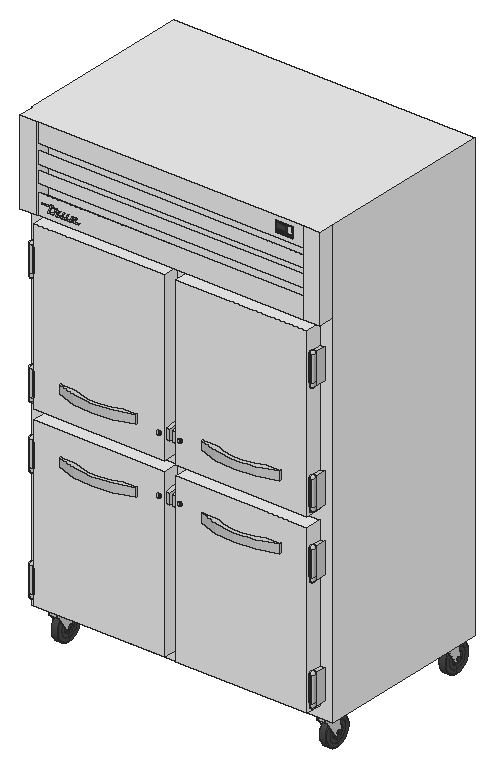
Revit family
Parameters
  Weight in Pounds = 0
  Watts = 3000 W
  Volts = 208 V
  URL Cutsheet = "www.truemfg.com"
  URL = "www.truemfg.com"
  Type Mark [instance] = ""
  Type Comments = ""
  Status [instance] = ""
  Specification by User [instance] = ""
  Specification by Manufacturer = ""
  Show Seismic Flanged [instance] = no
  Show Logo [instance] = yes
  Show Legs [instance] = no
  Show Clearance [instance] = yes
  Serial Number = ""
  Seismic Rating = ""
  Seismic Plate [instance] = and(Show Seismic Flanged, not(Show Casters))  # no
  SMACNA No = ""
  Revision Code [instance] = ""
  Phase = 1
  Omniclass Number and Title = ""
  Number of Poles [instance] = 1
  NAFEM Spec ID Number = ""
  Model = "STR2H-4HS"
  Min Ckt Ampacity = 0 A
  Max Overcurrent Protection = 0 A
  Masterspec = ""
  Manufacturer = "TRUE FOOD SERVICE EQUIPMENT, INC."
  Length = 52 5/8"
  Legs [instance] = or(Show Legs, Show Seismic Flanged)  # no
  Item Number [instance] = ""
  Installed By [instance] = ""
  Identify Quantity as Lot [instance] = yes
  Height = 77 3/4"
  HP = ""
  Furnished By [instance] = ""
  Foodservice Equipment Identifier [instance] = yes
  FL Amps = Watts / Volts  # 14.4231 A
  Electrical Remarks [instance] = ""
  Electric Connection Type [instance] = ""
  Elec Conn RI Height [instance] = 0"
  Elec Conn Connection Height [instance] = 0"
  Description = "Reach-in Solid Half Swing Door Heated Cabinet"
  Depth = 33 3/4"
  Cycle = 60 Hz
  Conn Plug = "6-15P"
  Conn Conduit = yes
  Show Casters [instance] = and(not(if(Show Legs, Show Legs, Show Legs)), not(if(Show Legs, Show Legs, Show Seismic Flanged)))  # yes
  CSI MasterFormat = ""
  CSI Master Format = ""
  Apparent Power = if(Phase = 3, Volts * FL Amps * 1.73, Volts * FL Amps)  # 3000 VA
Reference planes (in)
  plane 1 "BACK": y = 0
  plane 2: z = 0
  plane 3 "LEFT": x = 0
  plane 4 "RIGHT": x = 52.625
  plane 5 "FRONT": y = -33.75
  plane 6 "TOP": z = 84.125
  plane 7: z = 6.125
  plane 8: x = 26.3125
  plane 9: x = 3
  plane 10: x = 49.9375
  plane 11: y = -33.7042
  plane 12: x = 26.46875
Forms (in)
  Extrusion 1, solid, material "QF_Finishes_Chrome - Satin"
    sketch origin (0.05, 0, 0) x (1, 0, 0) y (0, 1, 0)
      loop
        line (-0.05, 0) -> (-0.05, -31) -> (2.35625, -31) -> (2.35625, 0) -> (-0.05, 0)
    from 6.125 to 84.125
  Extrusion 2, solid, material "QF_Finishes_Chrome - Satin"
    sketch origin (50.15, 0, 0) x (1, 0, 0) y (0, 1, 0)
      loop
        line (0.225, 0) -> (0.225, -31) -> (2.475, -31) -> (2.475, 0) -> (0.225, 0)
    from 6.125 to 84.125
  Extrusion 3, solid, material "QF_Finishes_Chrome - Satin"
    sketch origin (0, 0, 0) x (0, 1, 0) y (0, 0, 1)
      loop
        line (-33.7042, 69.5) -> (-31, 69.5) -> (-31, 6.125) -> (0, 6.125) -> (0, 84.125) -> (-33.7042, 84.125) -> (-33.7042, 80.78078) -> (-31.5, 79.21352) -> (-31.5, 78.09125) -> (-33.7042, 79.65851) -> (-33.7042, 77.5248) -> (-31.5, 75.95754) -> (-31.5, 74.99678) -> (-33.7042, 76.56404) -> (-33.7042, 74.46784) -> (-31.5, 72.90057) -> (-31.5, 71.625) -> (-33.7042, 73.19226) -> (-33.7042, 69.5)
    from 2.25 to 50.375
  Extrusion 4, solid, material "QF_Finishes_Chrome - Satin"
    sketch origin (0, 0, 0) x (1, 0, 0) y (0, 1, 0)
      loop
        line (52.54687, -31) -> (49.66032, -31) -> (49.66032, -33.75) -> (52.54687, -33.75) -> (52.54687, -31)
    from 69.5 to 84.125
  Extrusion 5, solid, material "QF_Finishes_Chrome - Satin"
    sketch origin (-50.125, 0, 0.25) x (1, 0, 0) y (0, 1, 0)
      loop
        line (53.20984, -31) -> (50.20312, -31) -> (50.20312, -33.75) -> (53.20984, -33.75) -> (53.20984, -31)
    from 69.25 to 83.875
  Extrusion 6, solid, material "QF_Finishes_Chrome - Satin"
    sketch origin (0, 0, -0.71875) x (1, 0, 0) y (0, 0, 1)
      loop
        line (2.4375, 68.6875) -> (2.4375, 39.59375) -> (25.375, 39.59375) -> (25.375, 68.6875) -> (2.4375, 68.6875)
      loop
        line (50.34375, 68.6875) -> (27.40625, 68.6875) -> (27.40625, 39.59375) -> (50.34375, 39.59375) -> (50.34375, 68.6875)
      loop
        line (2.4375, 8.75) -> (25.375, 8.75) -> (25.375, 37.84375) -> (2.4375, 37.84375) -> (2.4375, 8.75)
      loop
        line (27.40625, 8.75) -> (50.34375, 8.75) -> (50.34375, 37.84375) -> (27.40625, 37.84375) -> (27.40625, 8.75)
    from 31 to 33.75
  Extrusion 7, solid, material "QF_Finishes_Handrails and Railings"
    sketch origin (85.95, -0.25, 32.09144) x (1, 0, 0) y (0, 1, 0)
      loop
        line (-53.875, -33.5) -> (-53.875, -33.7)
        arc (-53.875, -33.7) -> (-47.075, -35.14405) -> (-40.275, -33.7) r 16.7325
        line (-40.275, -33.7) -> (-40.275, -33.5) -> (-42.675, -33.5)
        arc (-42.675, -33.5) -> (-47.075, -34.65816) -> (-51.475, -33.5) r 8.93715
        line (-51.475, -33.5) -> (-53.875, -33.5)
    from 10.87731 to 12.37731
  Extrusion 8, solid, material "QF_Finishes_Handrails and Railings"
    sketch origin (1.75, 0, 2.875) x (1, 0, 0) y (0, 0, 1)
      loop
        circle (22.6875, 40.0625) r 0.35
      loop
        line (22.65235, 40.33635) -> (22.65235, 39.76895) -> (22.70785, 39.76895) -> (22.70785, 40.33635) -> (22.65235, 40.33635)
      loop
        circle (26.3125, 40.0625) r 0.35
      loop
        line (26.34765, 40.33635) -> (26.29215, 40.33635) -> (26.29215, 39.76895) -> (26.34765, 39.76895) -> (26.34765, 40.33635)
    from 33.5 to 33.83066
  Extrusion 9, solid, material "QF_Finishes_Handrails and Railings", visible <- "Show Logo"
    sketch origin (0.33478, 1.08173, -6.73143) x (1, 0, 0) y (0, 0, 1)
      loop
        line (3.61669, 78.46231) -> (3.51103, 78.23573) -> (4.91652, 78.23573)
        arc (4.91652, 78.23573) -> (4.94504, 78.18528) -> (4.91652, 78.13484) r 0.05887
        line (4.91652, 78.13484) -> (4.54994, 77.34872)
        arc (4.54994, 77.34872) -> (4.54676, 77.27591) -> (4.596, 77.22217) r 0.09523
        line (4.596, 77.22217) -> (5.49469, 77.22217)
        arc (5.49469, 77.22217) -> (5.60817, 77.25795) -> (5.68061, 77.35235) r 0.19785
        line (5.68061, 77.35235) -> (5.9691, 77.97101) -> (6.23415, 77.97101)
        arc (6.23415, 77.97101) -> (6.30369, 77.94543) -> (6.29362, 77.87203) r 0.05911
        line (6.29362, 77.87203) -> (6.05223, 77.35437)
        arc (6.05223, 77.35437) -> (6.05599, 77.2684) -> (6.12856, 77.22217) r 0.09318
        line (6.12856, 77.22217) -> (6.91823, 77.22217)
        arc (6.91823, 77.22217) -> (6.97874, 77.24419) -> (7.01093, 77.29995) r 0.09412
        arc (7.01093, 77.29995) -> (7.03371, 77.24495) -> (7.08871, 77.22217) r 0.07778
        line (7.08871, 77.22217) -> (7.58871, 77.22217)
        arc (7.58871, 77.22217) -> (7.64647, 77.23765) -> (7.68876, 77.27993) r 0.11552
        arc (7.68876, 77.27993) -> (7.709, 77.23106) -> (7.75787, 77.21081) r 0.06912
        line (7.75787, 77.21081) -> (8.4685, 77.21081)
        arc (8.4685, 77.21081) -> (8.52659, 77.23488) -> (8.55066, 77.29297) r 0.08216
        arc (8.55066, 77.29297) -> (8.60392, 77.23972) -> (8.67667, 77.22022) r 0.14551
        line (8.67667, 77.22022) -> (10.00783, 77.22022) -> (10.15571, 77.47634) -> (8.81303, 77.47634)
        arc (8.81303, 77.47634) -> (8.77597, 77.50204) -> (8.77459, 77.54711) r 0.05009
        line (8.77459, 77.54711) -> (8.79782, 77.59692)
        arc (8.79782, 77.59692) -> (8.83348, 77.64364) -> (8.88952, 77.66135) r 0.09747
        line (8.88952, 77.66135) -> (9.3211, 77.66135)
        arc (9.3211, 77.66135) -> (9.41425, 77.68631) -> (9.48244, 77.7545) r 0.1863
        line (9.48244, 77.7545) -> (9.60744, 77.97101)
        arc (9.60744, 77.97101) -> (9.60744, 78.08657) -> (9.50736, 78.14434) r 0.11556
        line (9.50736, 78.14434) -> (9.05187, 78.14434)
        arc (9.05187, 78.14434) -> (8.93575, 78.12462) -> (8.85474, 78.03912) r 0.18605
        line (8.85474, 78.03912) -> (8.63829, 77.57493)
        arc (8.63829, 77.57493) -> (8.5744, 77.49167) -> (8.47431, 77.46011) r 0.1745
        line (8.47431, 77.46011) -> (8.00184, 77.46011)
        arc (8.00184, 77.46011) -> (7.94528, 77.52184) -> (7.94893, 77.60548) r 0.10939
        line (7.94893, 77.60548) -> (8.2002, 78.14434) -> (8.04028, 78.14434) -> (7.77406, 77.57344)
        arc (7.77406, 77.57344) -> (7.72234, 77.50603) -> (7.6413, 77.48048) r 0.14128
        line (7.6413, 77.48048) -> (7.3155, 77.48048)
        arc (7.3155, 77.48048) -> (7.26044, 77.55223) -> (7.27225, 77.64189) r 0.11816
        line (7.27225, 77.64189) -> (7.50655, 78.14434) -> (7.34139, 78.14434) -> (7.07171, 77.566)
        arc (7.07171, 77.566) -> (7.0091, 77.50339) -> (6.92358, 77.48048) r 0.17104
        line (6.92358, 77.48048) -> (6.4518, 77.48048)
        arc (6.4518, 77.48048) -> (6.36707, 77.51999) -> (6.35892, 77.61313) r 0.0935
        line (6.35892, 77.61313) -> (6.51399, 77.94569) -> (6.7332, 77.94569)
        arc (6.7332, 77.94569) -> (6.7702, 78.05717) -> (6.84892, 78.14434) r 0.2857
        line (6.84892, 78.14434) -> (5.9923, 78.14434)
        arc (5.9923, 78.14434) -> (5.89711, 78.12324) -> (5.83123, 78.05135) r 0.16212
        line (5.83123, 78.05135) -> (5.59904, 77.55341)
        arc (5.59904, 77.55341) -> (5.54565, 77.50002) -> (5.47272, 77.48048) r 0.14586
        line (5.47272, 77.48048) -> (4.96131, 77.48048)
        arc (4.96131, 77.48048) -> (4.92139, 77.53442) -> (4.92899, 77.60109) r 0.09155
        line (4.92899, 77.60109) -> (5.26643, 78.23573) -> (6.1178, 78.23573) -> (6.22346, 78.46231) -> (5.37209, 78.46231) -> (5.47774, 78.68888) -> (5.17487, 78.68888) -> (5.06922, 78.46231) -> (3.61669, 78.46231)
      loop
        arc (8.9943, 77.93863) -> (8.95744, 77.92875) -> (8.93045, 77.90176) r 0.07373
        line (8.93045, 77.90176) -> (8.90854, 77.83436)
        arc (8.90854, 77.83436) -> (8.9187, 77.80983) -> (8.94324, 77.79966) r 0.0347
        line (8.94324, 77.79966) -> (9.31573, 77.79966)
        arc (9.31573, 77.79966) -> (9.34257, 77.80561) -> (9.36437, 77.82234) r 0.0635
        line (9.36437, 77.82234) -> (9.38249, 77.90622)
        arc (9.38249, 77.90622) -> (9.37716, 77.92868) -> (9.35634, 77.93863) r 0.02676
        line (9.35634, 77.93863) -> (8.9943, 77.93863)
    from 34.76797 to 34.83173
  Extrusion 10, solid
    sketch origin (0, 0, 0) x (1, 0, 0) y (0, 0, 1)
      loop
        circle (49.53125, 82) r 0.25
    from 0 to 0.0625
  Extrusion 11, solid, material "QF_Finishes_Handrails and Railings"
    sketch origin (-33.16875, -0.25, 32.09144) x (1, 0, 0) y (0, 1, 0)
      loop
        line (53.71875, -33.5) -> (51.31875, -33.5)
        arc (51.31875, -33.5) -> (47.075, -34.58228) -> (42.83125, -33.5) r 8.86127
        line (42.83125, -33.5) -> (40.43125, -33.5) -> (40.43125, -33.7)
        arc (40.43125, -33.7) -> (47.075, -35.08117) -> (53.71875, -33.7) r 16.66961
        line (53.71875, -33.7) -> (53.71875, -33.5)
    from 10.87731 to 12.37731
  Blend 12, solid, material "QF_Finishes_Handrails and Railings"
    base sketch origin (0.125, 0, 4.875) x (1, 0, 0) y (0, 0, 1)
      loop
        line (25.25, 38.99169) -> (25.25, 37.24169) -> (26, 37.24169) -> (26, 38.99169) -> (25.25, 38.99169)
    top sketch origin (0.125, 0, 4.875) x (1, 0, 0) y (0, 0, 1)
      loop
        line (26.18223, 36.6441) -> (26.18223, 39.42643) -> (25.25, 39.42643) -> (25.25, 36.6441) -> (26.18223, 36.6441)
    from 33.57883 to 31
  Blend 13, solid, material "QF_Finishes_Handrails and Railings"
    base sketch origin (52.65625, 0, 4.875) x (-1, 0, 0) y (0, 0, -1)
      loop
        line (25.25, -38.99169) -> (26, -38.99169) -> (26, -37.24169) -> (25.25, -37.24169) -> (25.25, -38.99169)
    top sketch origin (52.65625, 0, 4.875) x (-1, 0, 0) y (0, 0, -1)
      loop
        line (26.18223, -36.6441) -> (25.25, -36.6441) -> (25.25, -39.42643) -> (26.18223, -39.42643) -> (26.18223, -36.6441)
    from 33.57883 to 31
  Extrusion 14, solid, material "QF_Finishes_Handrails and Railings"
    sketch origin (1.28125, 0, 0) x (0, 1, 0) y (0, 0, 1)
      loop
        line (-31, 64.55229) -> (-32.61044, 64.55229)
        arc (-32.61044, 64.55229) -> (-32.75506, 64.49238) -> (-32.81497, 64.34776) r 0.20453
        line (-32.81497, 64.34776) -> (-32.81497, 59.94848) -> (-33.25, 59.94848) -> (-33.25, 59.23627) -> (-31, 59.23627) -> (-31, 64.55229)
    from 0.17506 to 1
  Revolve 15, solid, material "QF_Finishes_Handrails and Railings"
    sketch origin (1.78125, 0, 0) x (0, 1, 0) y (0, 0, 1)
      loop
        line (-33.26563, 60.00189) -> (-33.26563, 64.81483)
        arc (-33.26563, 64.81483) -> (-33.53722, 64.72557) -> (-33.67229, 64.4736) r 0.3848
        line (-33.67229, 64.4736) -> (-33.67229, 60.00189) -> (-33.26563, 60.00189)
      loop
        line (-33.26563, 59.94848) -> (-33.67229, 59.94848) -> (-33.67229, 59.37712)
        arc (-33.67229, 59.37712) -> (-33.53264, 59.13383) -> (-33.26563, 59.04781) r 0.38884
        line (-33.26563, 59.04781) -> (-33.26563, 59.94848)
      axis (-33.26563, 59.04781) -> (-33.26563, 64.81483)
    angle from 0 to 360
  Extrusion 16, solid, material "QF_Finishes_Handrails and Railings"
    sketch origin (-0.03125, 0, 0) x (1, 0, 0) y (0, 0, 1)
      loop
        line (2.07116, 64.4736) -> (2.07116, 60.00079) -> (2.46875, 60.00079) -> (2.46875, 64.4736) -> (2.07116, 64.4736)
    from 32.81497 to 33.59495
  Extrusion 17, solid, material "QF_Finishes_Handrails and Railings"
    sketch origin (1.28125, 0, -19.5) x (0, 1, 0) y (0, 0, 1)
      loop
        line (-31, 64.55229) -> (-32.61044, 64.55229)
        arc (-32.61044, 64.55229) -> (-32.75506, 64.49238) -> (-32.81497, 64.34776) r 0.20453
        line (-32.81497, 64.34776) -> (-32.81497, 59.94848) -> (-33.25, 59.94848) -> (-33.25, 59.23627) -> (-31, 59.23627) -> (-31, 64.55229)
    from 0.17506 to 1
  Revolve 18, solid, material "QF_Finishes_Handrails and Railings"
    sketch origin (1.78125, 0, -19.5) x (0, 1, 0) y (0, 0, 1)
      loop
        line (-33.26563, 60.00189) -> (-33.26563, 64.81483)
        arc (-33.26563, 64.81483) -> (-33.53722, 64.72557) -> (-33.67229, 64.4736) r 0.3848
        line (-33.67229, 64.4736) -> (-33.67229, 60.00189) -> (-33.26563, 60.00189)
      loop
        line (-33.26563, 59.94848) -> (-33.67229, 59.94848) -> (-33.67229, 59.37712)
        arc (-33.67229, 59.37712) -> (-33.53264, 59.13383) -> (-33.26563, 59.04781) r 0.38884
        line (-33.26563, 59.04781) -> (-33.26563, 59.94848)
      axis (-33.26563, 59.04781) -> (-33.26563, 64.81483)
    angle from 0 to 360
  Extrusion 19, solid, material "QF_Finishes_Handrails and Railings"
    sketch origin (-0.03125, 0, -19.5) x (1, 0, 0) y (0, 0, 1)
      loop
        line (2.07116, 64.4736) -> (2.07116, 60.00079) -> (2.46875, 60.00079) -> (2.46875, 64.4736) -> (2.07116, 64.4736)
    from 32.81497 to 33.59495
  Extrusion 20, solid, material "QF_Finishes_Handrails and Railings"
    sketch origin (1.28125, 0, -30.5) x (0, 1, 0) y (0, 0, 1)
      loop
        line (-31, 64.55229) -> (-32.61044, 64.55229)
        arc (-32.61044, 64.55229) -> (-32.75506, 64.49238) -> (-32.81497, 64.34776) r 0.20453
        line (-32.81497, 64.34776) -> (-32.81497, 59.94848) -> (-33.25, 59.94848) -> (-33.25, 59.23627) -> (-31, 59.23627) -> (-31, 64.55229)
    from 0.17506 to 1
  Revolve 21, solid, material "QF_Finishes_Handrails and Railings"
    sketch origin (1.78125, 0, -30.5) x (0, 1, 0) y (0, 0, 1)
      loop
        line (-33.26563, 60.00189) -> (-33.26563, 64.81483)
        arc (-33.26563, 64.81483) -> (-33.53722, 64.72557) -> (-33.67229, 64.4736) r 0.3848
        line (-33.67229, 64.4736) -> (-33.67229, 60.00189) -> (-33.26563, 60.00189)
      loop
        line (-33.26563, 59.94848) -> (-33.67229, 59.94848) -> (-33.67229, 59.37712)
        arc (-33.67229, 59.37712) -> (-33.53264, 59.13383) -> (-33.26563, 59.04781) r 0.38884
        line (-33.26563, 59.04781) -> (-33.26563, 59.94848)
      axis (-33.26563, 59.04781) -> (-33.26563, 64.81483)
    angle from 0 to 360
  Extrusion 22, solid, material "QF_Finishes_Handrails and Railings"
    sketch origin (-0.03125, 0, -30.5) x (1, 0, 0) y (0, 0, 1)
      loop
        line (2.07116, 64.4736) -> (2.07116, 60.00079) -> (2.46875, 60.00079) -> (2.46875, 64.4736) -> (2.07116, 64.4736)
    from 32.81497 to 33.59495
  Extrusion 23, solid, material "QF_Finishes_Handrails and Railings"
    sketch origin (1.28125, 0, -50.25) x (0, 1, 0) y (0, 0, 1)
      loop
        line (-31, 64.55229) -> (-32.61044, 64.55229)
        arc (-32.61044, 64.55229) -> (-32.75506, 64.49238) -> (-32.81497, 64.34776) r 0.20453
        line (-32.81497, 64.34776) -> (-32.81497, 59.94848) -> (-33.25, 59.94848) -> (-33.25, 59.23627) -> (-31, 59.23627) -> (-31, 64.55229)
    from 0.17506 to 1
  Revolve 24, solid, material "QF_Finishes_Handrails and Railings"
    sketch origin (1.78125, 0, -50.25) x (0, 1, 0) y (0, 0, 1)
      loop
        line (-33.26563, 60.00189) -> (-33.26563, 64.81483)
        arc (-33.26563, 64.81483) -> (-33.53722, 64.72557) -> (-33.67229, 64.4736) r 0.3848
        line (-33.67229, 64.4736) -> (-33.67229, 60.00189) -> (-33.26563, 60.00189)
      loop
        line (-33.26563, 59.94848) -> (-33.67229, 59.94848) -> (-33.67229, 59.37712)
        arc (-33.67229, 59.37712) -> (-33.53264, 59.13383) -> (-33.26563, 59.04781) r 0.38884
        line (-33.26563, 59.04781) -> (-33.26563, 59.94848)
      axis (-33.26563, 59.04781) -> (-33.26563, 64.81483)
    angle from 0 to 360
  Extrusion 25, solid, material "QF_Finishes_Handrails and Railings"
    sketch origin (-0.03125, 0, -50.25) x (1, 0, 0) y (0, 0, 1)
      loop
        line (2.07116, 64.4736) -> (2.07116, 60.00079) -> (2.46875, 60.00079) -> (2.46875, 64.4736) -> (2.07116, 64.4736)
    from 32.81497 to 33.59495
  Extrusion 26, solid, material "QF_Finishes_Handrails and Railings"
    sketch origin (51.34375, 0, 0) x (0, 1, 0) y (0, 0, -1)
      loop
        line (-31, -64.55229) -> (-31, -59.23627) -> (-33.25, -59.23627) -> (-33.25, -59.94848) -> (-32.81497, -59.94848) -> (-32.81497, -64.34776)
        arc (-32.81497, -64.34776) -> (-32.75506, -64.49238) -> (-32.61044, -64.55229) r 0.20453
        line (-32.61044, -64.55229) -> (-31, -64.55229)
    from 0.17506 to 1
  Revolve 27, solid, material "QF_Finishes_Handrails and Railings"
    sketch origin (50.84375, 0, 0) x (0, 1, 0) y (0, 0, -1)
      loop
        line (-33.26563, -60.00189) -> (-33.67229, -60.00189) -> (-33.67229, -64.4736)
        arc (-33.67229, -64.4736) -> (-33.53722, -64.72557) -> (-33.26563, -64.81483) r 0.3848
        line (-33.26563, -64.81483) -> (-33.26563, -60.00189)
      loop
        line (-33.26563, -59.94848) -> (-33.26563, -59.04781)
        arc (-33.26563, -59.04781) -> (-33.53264, -59.13383) -> (-33.67229, -59.37712) r 0.38884
        line (-33.67229, -59.37712) -> (-33.67229, -59.94848) -> (-33.26563, -59.94848)
      axis (-33.26563, -59.04781) -> (-33.26563, -64.81483)
    angle from 0 to 360
  Extrusion 28, solid, material "QF_Finishes_Handrails and Railings"
    sketch origin (52.65625, 0, 0) x (-1, 0, 0) y (0, 0, -1)
      loop
        line (1.75866, -64.4736) -> (2.15625, -64.4736) -> (2.15625, -60.00079) -> (1.75866, -60.00079) -> (1.75866, -64.4736)
    from 32.81497 to 33.59495
  Extrusion 29, solid, material "QF_Finishes_Handrails and Railings"
    sketch origin (51.34375, 0, -19.5) x (0, 1, 0) y (0, 0, -1)
      loop
        line (-31, -64.55229) -> (-31, -59.23627) -> (-33.25, -59.23627) -> (-33.25, -59.94848) -> (-32.81497, -59.94848) -> (-32.81497, -64.34776)
        arc (-32.81497, -64.34776) -> (-32.75506, -64.49238) -> (-32.61044, -64.55229) r 0.20453
        line (-32.61044, -64.55229) -> (-31, -64.55229)
    from 0.17506 to 1
  Revolve 30, solid, material "QF_Finishes_Handrails and Railings"
    sketch origin (50.84375, 0, -19.5) x (0, 1, 0) y (0, 0, -1)
      loop
        line (-33.26563, -60.00189) -> (-33.67229, -60.00189) -> (-33.67229, -64.4736)
        arc (-33.67229, -64.4736) -> (-33.53722, -64.72557) -> (-33.26563, -64.81483) r 0.3848
        line (-33.26563, -64.81483) -> (-33.26563, -60.00189)
      loop
        line (-33.26563, -59.94848) -> (-33.26563, -59.04781)
        arc (-33.26563, -59.04781) -> (-33.53264, -59.13383) -> (-33.67229, -59.37712) r 0.38884
        line (-33.67229, -59.37712) -> (-33.67229, -59.94848) -> (-33.26563, -59.94848)
      axis (-33.26563, -59.04781) -> (-33.26563, -64.81483)
    angle from 0 to 360
  Extrusion 31, solid, material "QF_Finishes_Handrails and Railings"
    sketch origin (52.65625, 0, -19.5) x (-1, 0, 0) y (0, 0, -1)
      loop
        line (1.75866, -64.4736) -> (2.15625, -64.4736) -> (2.15625, -60.00079) -> (1.75866, -60.00079) -> (1.75866, -64.4736)
    from 32.81497 to 33.59495
  Extrusion 32, solid, material "QF_Finishes_Handrails and Railings"
    sketch origin (51.34375, 0, -30.5) x (0, 1, 0) y (0, 0, -1)
      loop
        line (-31, -64.55229) -> (-31, -59.23627) -> (-33.25, -59.23627) -> (-33.25, -59.94848) -> (-32.81497, -59.94848) -> (-32.81497, -64.34776)
        arc (-32.81497, -64.34776) -> (-32.75506, -64.49238) -> (-32.61044, -64.55229) r 0.20453
        line (-32.61044, -64.55229) -> (-31, -64.55229)
    from 0.17506 to 1
  Revolve 33, solid, material "QF_Finishes_Handrails and Railings"
    sketch origin (50.84375, 0, -30.5) x (0, 1, 0) y (0, 0, -1)
      loop
        line (-33.26563, -60.00189) -> (-33.67229, -60.00189) -> (-33.67229, -64.4736)
        arc (-33.67229, -64.4736) -> (-33.53722, -64.72557) -> (-33.26563, -64.81483) r 0.3848
        line (-33.26563, -64.81483) -> (-33.26563, -60.00189)
      loop
        line (-33.26563, -59.94848) -> (-33.26563, -59.04781)
        arc (-33.26563, -59.04781) -> (-33.53264, -59.13383) -> (-33.67229, -59.37712) r 0.38884
        line (-33.67229, -59.37712) -> (-33.67229, -59.94848) -> (-33.26563, -59.94848)
      axis (-33.26563, -59.04781) -> (-33.26563, -64.81483)
    angle from 0 to 360
  Extrusion 34, solid, material "QF_Finishes_Handrails and Railings"
    sketch origin (52.65625, 0, -30.5) x (-1, 0, 0) y (0, 0, -1)
      loop
        line (1.75866, -64.4736) -> (2.15625, -64.4736) -> (2.15625, -60.00079) -> (1.75866, -60.00079) -> (1.75866, -64.4736)
    from 32.81497 to 33.59495
  Extrusion 35, solid, material "QF_Finishes_Handrails and Railings"
    sketch origin (51.34375, 0, -50.25) x (0, 1, 0) y (0, 0, -1)
      loop
        line (-31, -64.55229) -> (-31, -59.23627) -> (-33.25, -59.23627) -> (-33.25, -59.94848) -> (-32.81497, -59.94848) -> (-32.81497, -64.34776)
        arc (-32.81497, -64.34776) -> (-32.75506, -64.49238) -> (-32.61044, -64.55229) r 0.20453
        line (-32.61044, -64.55229) -> (-31, -64.55229)
    from 0.17506 to 1
  Revolve 36, solid, material "QF_Finishes_Handrails and Railings"
    sketch origin (50.84375, 0, -50.25) x (0, 1, 0) y (0, 0, -1)
      loop
        line (-33.26563, -60.00189) -> (-33.67229, -60.00189) -> (-33.67229, -64.4736)
        arc (-33.67229, -64.4736) -> (-33.53722, -64.72557) -> (-33.26563, -64.81483) r 0.3848
        line (-33.26563, -64.81483) -> (-33.26563, -60.00189)
      loop
        line (-33.26563, -59.94848) -> (-33.26563, -59.04781)
        arc (-33.26563, -59.04781) -> (-33.53264, -59.13383) -> (-33.67229, -59.37712) r 0.38884
        line (-33.67229, -59.37712) -> (-33.67229, -59.94848) -> (-33.26563, -59.94848)
      axis (-33.26563, -59.04781) -> (-33.26563, -64.81483)
    angle from 0 to 360
  Extrusion 37, solid, material "QF_Finishes_Handrails and Railings"
    sketch origin (52.65625, 0, -50.25) x (-1, 0, 0) y (0, 0, -1)
      loop
        line (1.75866, -64.4736) -> (2.15625, -64.4736) -> (2.15625, -60.00079) -> (1.75866, -60.00079) -> (1.75866, -64.4736)
    from 32.81497 to 33.59495
  Revolve 38, solid, material "QF_Finishes_Black", visible <- "Show Casters"
    sketch origin (47.78125, -27.375, 0) x (1, 0, 0) y (0, 0, 1)
      loop
        line (1.63125, 5) -> (1.53125, 4.9) -> (1.53125, 4.29941) -> (1.69226, 4.29941) -> (1.69226, 3.54941) -> (1.53125, 3.54941) -> (1.53125, 2.79941) -> (1.13125, 2.79941) -> (1.13125, 2.5) -> (3.18125, 2.5) -> (3.18125, 2.79941) -> (2.78533, 2.79941) -> (2.78533, 3.54941) -> (2.62024, 3.54941) -> (2.62024, 4.29941) -> (2.78533, 4.29941) -> (2.78533, 4.89592) -> (2.68125, 5) -> (1.63125, 5)
      axis (3.18125, 2.5) -> (1.13125, 2.5)
    angle from 0 to 360
  Extrusion 39, solid, material "QF_Finishes_Handrails and Railings", visible <- "Show Casters"
    sketch origin (47.78125, 0, 0) x (0, 1, 0) y (0, 0, 1)
      loop
        line (-29.95136, 5.48574) -> (-29.95136, 4.88089) -> (-29.70136, 4.88089) -> (-27.95216, 2.18736)
        arc (-27.95216, 2.18736) -> (-27.23883, 1.94868) -> (-26.84581, 2.59003) r 0.60416
        line (-26.84581, 2.59003) -> (-27.20136, 5.48574) -> (-29.95136, 5.48574)
      loop
        line (-3.8577, 5.48574) -> (-3.8577, 4.88089) -> (-3.6077, 4.88089) -> (-1.8585, 2.18736)
        arc (-1.8585, 2.18736) -> (-1.14517, 1.94868) -> (-0.75215, 2.59003) r 0.60416
        line (-0.75215, 2.59003) -> (-1.1077, 5.48574) -> (-3.8577, 5.48574)
    from 1.175 to 1.325
  Extrusion 40, solid, material "QF_Finishes_Handrails and Railings", visible <- "Show Casters"
    sketch origin (49.28125, 0, 0) x (0, 1, 0) y (0, 0, 1)
      loop
        line (-29.95136, 5.48574) -> (-29.95136, 4.88089) -> (-29.70136, 4.88089) -> (-27.95216, 2.18736)
        arc (-27.95216, 2.18736) -> (-27.23883, 1.94868) -> (-26.84581, 2.59003) r 0.60416
        line (-26.84581, 2.59003) -> (-27.20136, 5.48574) -> (-29.95136, 5.48574)
      loop
        line (-3.8577, 5.48574) -> (-3.8577, 4.88089) -> (-3.6077, 4.88089) -> (-1.8585, 2.18736)
        arc (-1.8585, 2.18736) -> (-1.14517, 1.94868) -> (-0.75215, 2.59003) r 0.60416
        line (-0.75215, 2.59003) -> (-1.1077, 5.48574) -> (-3.8577, 5.48574)
    from 1.175 to 1.325
  Revolve 41, solid, material "QF_Finishes_Chrome - Satin", visible <- "Show Casters"
    sketch origin (47.78125, -28.5625, -0.5) x (1, 0, 0) y (0, 0, 1)
      loop
        line (2.15625, 5.99546) -> (2.15625, 6.62359) -> (0.85918, 6.62359) -> (0.85918, 5.99546) -> (2.15625, 5.99546)
      axis (2.15625, 5.99546) -> (2.15625, 6.62359)
    angle from 0 to 360
  Revolve 42, solid, material "QF_Finishes_Chrome - Satin", visible <- "Legs"
    sketch origin (47.78125, -2.69102, 0) x (1, 0, 0) y (0, 0, 1)
      loop
        line (2.15625, 6.125) -> (0.82287, 6.125) -> (1.40625, 1) -> (1.65625, 1) -> (1.65625, 0) -> (2.15625, 0) -> (2.15625, 6.125)
      axis (2.15625, 0) -> (2.15625, 6.125)
    angle from 0 to 360
  Revolve 43, solid, material "QF_Finishes_Chrome - Satin", visible <- "Legs"
    sketch origin (47.78125, -28.65977, 0) x (1, 0, 0) y (0, 0, 1)
      loop
        line (2.15625, 6.125) -> (0.82287, 6.125) -> (1.40625, 1) -> (1.65625, 1) -> (1.65625, 0) -> (2.15625, 0) -> (2.15625, 6.125)
      axis (2.15625, 0) -> (2.15625, 6.125)
    angle from 0 to 360
  Revolve 44, solid, material "QF_Finishes_Chrome - Satin", visible <- "Show Casters"
    sketch origin (47.78125, -2.70321, -0.5) x (1, 0, 0) y (0, 0, 1)
      loop
        line (2.15625, 5.99546) -> (2.15625, 6.62359) -> (0.85918, 6.62359) -> (0.85918, 5.99546) -> (2.15625, 5.99546)
      axis (2.15625, 5.99546) -> (2.15625, 6.62359)
    angle from 0 to 360
  Extrusion 45, solid, material "QF_Finishes_Handrails and Railings", visible <- "Show Casters"
    sketch origin (0, 0, 0) x (0, 1, 0) y (0, 0, 1)
      loop
        line (-29.95136, 5.48574) -> (-29.95136, 4.88089) -> (-29.70136, 4.88089) -> (-27.16533, 5.19227) -> (-27.20136, 5.48574) -> (-29.95136, 5.48574)
      loop
        line (-3.8577, 5.48574) -> (-3.8577, 4.88089) -> (-3.6077, 4.88089) -> (-1.07167, 5.19227) -> (-1.1077, 5.48574) -> (-3.8577, 5.48574)
    from 49.10625 to 50.45625
  Revolve 46, solid, material "QF_Finishes_Black", visible <- "Show Casters"
    sketch origin (47.78125, -1.21875, 0) x (1, 0, 0) y (0, 0, 1)
      loop
        line (1.63125, 5) -> (1.53125, 4.9) -> (1.53125, 4.29941) -> (1.69226, 4.29941) -> (1.69226, 3.54941) -> (1.53125, 3.54941) -> (1.53125, 2.79941) -> (1.13125, 2.79941) -> (1.13125, 2.5) -> (3.18125, 2.5) -> (3.18125, 2.79941) -> (2.78533, 2.79941) -> (2.78533, 3.54941) -> (2.62024, 3.54941) -> (2.62024, 4.29941) -> (2.78533, 4.29941) -> (2.78533, 4.89592) -> (2.68125, 5) -> (1.63125, 5)
      axis (3.18125, 2.5) -> (1.13125, 2.5)
    angle from 0 to 360
  Revolve 47, solid, material "QF_Finishes_Black", visible <- "Show Casters"
    sketch origin (0.84375, -27.375, 0) x (1, 0, 0) y (0, 0, 1)
      loop
        line (1.63125, 5) -> (1.53125, 4.9) -> (1.53125, 4.29941) -> (1.69226, 4.29941) -> (1.69226, 3.54941) -> (1.53125, 3.54941) -> (1.53125, 2.79941) -> (0.975, 2.79941) -> (0.975, 2.5) -> (3.18125, 2.5) -> (3.18125, 2.79941) -> (2.78533, 2.79941) -> (2.78533, 3.54941) -> (2.62024, 3.54941) -> (2.62024, 4.29941) -> (2.78533, 4.29941) -> (2.78533, 4.89592) -> (2.68125, 5) -> (1.63125, 5)
      axis (3.18125, 2.5) -> (0.975, 2.5)
    angle from 0 to 360
  Extrusion 48, solid, material "QF_Finishes_Handrails and Railings", visible <- "Show Casters"
    sketch origin (0.84375, 0, 0) x (0, 1, 0) y (0, 0, 1)
      loop
        line (-29.95136, 5.48574) -> (-29.95136, 4.88089) -> (-29.70136, 4.88089) -> (-27.95216, 2.18736)
        arc (-27.95216, 2.18736) -> (-27.23883, 1.94868) -> (-26.84581, 2.59003) r 0.60416
        line (-26.84581, 2.59003) -> (-27.20136, 5.48574) -> (-29.95136, 5.48574)
      loop
        line (-3.8577, 5.48574) -> (-3.8577, 4.88089) -> (-3.6077, 4.88089) -> (-1.8585, 2.18736)
        arc (-1.8585, 2.18736) -> (-1.14517, 1.94868) -> (-0.75215, 2.59003) r 0.60416
        line (-0.75215, 2.59003) -> (-1.1077, 5.48574) -> (-3.8577, 5.48574)
    from 1.175 to 1.325
  Extrusion 49, solid, material "QF_Finishes_Handrails and Railings", visible <- "Show Casters"
    sketch origin (2.34375, 0, 0) x (0, 1, 0) y (0, 0, 1)
      loop
        line (-29.95136, 5.48574) -> (-29.95136, 4.88089) -> (-29.70136, 4.88089) -> (-27.95216, 2.18736)
        arc (-27.95216, 2.18736) -> (-27.23883, 1.94868) -> (-26.84581, 2.59003) r 0.60416
        line (-26.84581, 2.59003) -> (-27.20136, 5.48574) -> (-29.95136, 5.48574)
      loop
        line (-3.8577, 5.48574) -> (-3.8577, 4.88089) -> (-3.6077, 4.88089) -> (-1.8585, 2.18736)
        arc (-1.8585, 2.18736) -> (-1.14517, 1.94868) -> (-0.75215, 2.59003) r 0.60416
        line (-0.75215, 2.59003) -> (-1.1077, 5.48574) -> (-3.8577, 5.48574)
    from 1.175 to 1.325
  Revolve 50, solid, material "QF_Finishes_Chrome - Satin", visible <- "Show Casters"
    sketch origin (0.84375, -28.5625, -0.5) x (1, 0, 0) y (0, 0, 1)
      loop
        line (2.15625, 5.99546) -> (2.15625, 6.62359) -> (0.85918, 6.62359) -> (0.85918, 5.99546) -> (2.15625, 5.99546)
      axis (2.15625, 5.99546) -> (2.15625, 6.62359)
    angle from 0 to 360
  Revolve 51, solid, material "QF_Finishes_Chrome - Satin", visible <- "Legs"
    sketch origin (0.84375, -2.69102, 0) x (1, 0, 0) y (0, 0, 1)
      loop
        line (2.15625, 6.125) -> (0.82287, 6.125) -> (1.40625, 1) -> (1.65625, 1) -> (1.65625, 0) -> (2.15625, 0) -> (2.15625, 6.125)
      axis (2.15625, 0) -> (2.15625, 6.125)
    angle from 0 to 360
  Revolve 52, solid, material "QF_Finishes_Chrome - Satin", visible <- "Legs"
    sketch origin (0.84375, -28.65977, 0) x (1, 0, 0) y (0, 0, 1)
      loop
        line (2.15625, 6.125) -> (0.82287, 6.125) -> (1.40625, 1) -> (1.65625, 1) -> (1.65625, 0) -> (2.15625, 0) -> (2.15625, 6.125)
      axis (2.15625, 0) -> (2.15625, 6.125)
    angle from 0 to 360
  Revolve 53, solid, material "QF_Finishes_Chrome - Satin", visible <- "Show Casters"
    sketch origin (0.84375, -2.70321, -0.5) x (1, 0, 0) y (0, 0, 1)
      loop
        line (2.15625, 5.99546) -> (2.15625, 6.62359) -> (0.85918, 6.62359) -> (0.85918, 5.99546) -> (2.15625, 5.99546)
      axis (2.15625, 5.99546) -> (2.15625, 6.62359)
    angle from 0 to 360
  Extrusion 54, solid, material "QF_Finishes_Handrails and Railings", visible <- "Show Casters"
    sketch origin (-46.9375, 0, 0) x (0, 1, 0) y (0, 0, 1)
      loop
        line (-29.95136, 5.48574) -> (-29.95136, 4.88089) -> (-29.70136, 4.88089) -> (-27.16533, 5.19227) -> (-27.20136, 5.48574) -> (-29.95136, 5.48574)
      loop
        line (-3.8577, 5.48574) -> (-3.8577, 4.88089) -> (-3.6077, 4.88089) -> (-1.07167, 5.19227) -> (-1.1077, 5.48574) -> (-3.8577, 5.48574)
    from 49.10625 to 50.45625
  Revolve 55, solid, material "QF_Finishes_Black", visible <- "Show Casters"
    sketch origin (0.84375, -1.21875, 0) x (1, 0, 0) y (0, 0, 1)
      loop
        line (1.63125, 5) -> (1.53125, 4.9) -> (1.53125, 4.29941) -> (1.69226, 4.29941) -> (1.69226, 3.54941) -> (1.53125, 3.54941) -> (1.53125, 2.79941) -> (0.975, 2.79941) -> (0.975, 2.5) -> (3.18125, 2.5) -> (3.18125, 2.79941) -> (2.78533, 2.79941) -> (2.78533, 3.54941) -> (2.62024, 3.54941) -> (2.62024, 4.29941) -> (2.78533, 4.29941) -> (2.78533, 4.89592) -> (2.68125, 5) -> (1.63125, 5)
      axis (3.18125, 2.5) -> (0.975, 2.5)
    angle from 0 to 360
  Extrusion 56, solid, material "QF_Finishes_White"
    sketch origin (1.49925, 1.06376, 1.58022) x (1, 0, 0) y (0, 0, 1)
      loop
        line (43.31732, 81.73227) -> (43.31732, 79.98496) -> (46.22357, 79.98496) -> (46.22357, 81.73227) -> (43.31732, 81.73227)
    from 34.75 to 34.76797
  Extrusion 57, solid, material "QF_Finishes_Black"
    sketch origin (1.49925, 1.06376, 1.58022) x (1, 0, 0) y (0, 0, 1)
      loop
        line (46.28607, 81.79477) -> (43.25482, 81.79477) -> (43.25482, 79.92246) -> (46.28607, 79.92246) -> (46.28607, 81.79477)
      loop
        spline (43.45482, 80.25372) -> (43.46333, 80.23754) -> (43.48831, 80.22247) -> (43.52804, 80.20952) -> (43.57982, 80.19959) -> (43.64011, 80.19335) -> (43.70482, 80.19122) -> (43.76952, 80.19335) -> (43.82982, 80.19959) -> (43.88159, 80.20952) -> (43.92132, 80.22247) -> (43.9463, 80.23754) -> (43.95482, 80.25372)
        spline (43.95482, 80.25372) -> (43.9463, 80.26989) -> (43.92132, 80.28497) -> (43.88159, 80.29791) -> (43.82982, 80.30784) -> (43.76952, 80.31409) -> (43.70482, 80.31622) -> (43.64011, 80.31409) -> (43.57982, 80.30784) -> (43.52804, 80.29791) -> (43.48831, 80.28497) -> (43.46333, 80.26989) -> (43.45482, 80.25372)
      loop
        spline (44.15083, 80.25372) -> (44.15935, 80.23754) -> (44.18432, 80.22247) -> (44.22405, 80.20952) -> (44.27583, 80.19959) -> (44.33612, 80.19335) -> (44.40083, 80.19122) -> (44.46553, 80.19335) -> (44.52583, 80.19959) -> (44.57761, 80.20952) -> (44.61734, 80.22247) -> (44.64231, 80.23754) -> (44.65083, 80.25372)
        spline (44.65083, 80.25372) -> (44.64231, 80.26989) -> (44.61734, 80.28497) -> (44.57761, 80.29791) -> (44.52583, 80.30784) -> (44.46553, 80.31409) -> (44.40083, 80.31622) -> (44.33612, 80.31409) -> (44.27583, 80.30784) -> (44.22405, 80.29791) -> (44.18432, 80.28497) -> (44.15935, 80.26989) -> (44.15083, 80.25372)
      loop
        spline (44.90083, 80.25372) -> (44.90935, 80.23754) -> (44.93432, 80.22247) -> (44.97405, 80.20952) -> (45.02583, 80.19959) -> (45.08612, 80.19335) -> (45.15083, 80.19122) -> (45.21553, 80.19335) -> (45.27583, 80.19959) -> (45.32761, 80.20952) -> (45.36734, 80.22247) -> (45.39231, 80.23754) -> (45.40083, 80.25372)
        spline (45.40083, 80.25372) -> (45.39231, 80.26989) -> (45.36734, 80.28497) -> (45.32761, 80.29791) -> (45.27583, 80.30784) -> (45.21553, 80.31409) -> (45.15083, 80.31622) -> (45.08612, 80.31409) -> (45.02583, 80.30784) -> (44.97405, 80.29791) -> (44.93432, 80.28497) -> (44.90935, 80.26989) -> (44.90083, 80.25372)
      loop
        line (43.45481, 81.59478) -> (43.45481, 80.59478) -> (45.15433, 80.59478) -> (45.15433, 81.59478) -> (43.45481, 81.59478)
      loop
        line (46.22357, 81.73227) -> (43.31732, 81.73227) -> (43.31732, 79.98496) -> (46.22357, 79.98496) -> (46.22357, 81.73227)
      loop
        spline (45.65083, 80.25372) -> (45.65935, 80.23754) -> (45.68432, 80.22247) -> (45.72405, 80.20952) -> (45.77583, 80.19959) -> (45.83612, 80.19335) -> (45.90083, 80.19122) -> (45.96553, 80.19335) -> (46.02583, 80.19959) -> (46.07761, 80.20952) -> (46.11734, 80.22247) -> (46.14231, 80.23754) -> (46.15083, 80.25372)
        spline (46.15083, 80.25372) -> (46.14231, 80.26989) -> (46.11734, 80.28497) -> (46.07761, 80.29791) -> (46.02583, 80.30784) -> (45.96553, 80.31409) -> (45.90083, 80.31622) -> (45.83612, 80.31409) -> (45.77583, 80.30784) -> (45.72405, 80.29791) -> (45.68432, 80.28497) -> (45.65935, 80.26989) -> (45.65083, 80.25372)
    from 34.76797 to 34.80335
  Extrusion 58, solid, material "QF_Finishes_Door Clearance", visible <- "Show Clearance", detail levels coarse
    sketch origin (0.66534, -3.6098, 0) x (-1, 0, 0) y (0, -1, 0)
      loop
        arc (-26.74091, 30.1402) -> (-33.45915, 46.35946) -> (-49.67841, 53.0777) r 22.9375
        line (-49.67841, 53.0777) -> (-49.67841, 30.1402) -> (-26.74091, 30.1402)
      loop
        line (-1.77216, 30.1402) -> (-1.77216, 53.0777)
        arc (-1.77216, 53.0777) -> (-17.99142, 46.35946) -> (-24.70966, 30.1402) r 22.9375
        line (-24.70966, 30.1402) -> (-1.77216, 30.1402)
    from 38.875 to 67.96875
  Extrusion 59, solid, material "QF_Finishes_Chrome - Satin", visible <- "Seismic Plate"
    sketch origin (-0.22541, -26.96562, 0) x (1, 0, 0) y (0, 1, 0)
      loop
        circle (3.22541, -1.69416) r 1.5
    from 0 to 0.25
  Extrusion 60, solid, material "QF_Finishes_Chrome - Satin", visible <- "Seismic Plate"
    sketch origin (-0.22541, -0.99687, 0) x (1, 0, 0) y (0, 1, 0)
      loop
        circle (3.22541, -1.69416) r 1.5
    from 0 to 0.25
  Extrusion 61, solid, material "QF_Finishes_Chrome - Satin", visible <- "Seismic Plate"
    sketch origin (46.71209, -0.99687, 0) x (1, 0, 0) y (0, 1, 0)
      loop
        circle (3.22541, -1.69416) r 1.5
    from 0 to 0.25
  Extrusion 62, solid, material "QF_Finishes_Chrome - Satin", visible <- "Seismic Plate"
    sketch origin (46.71209, -26.96562, 0) x (1, 0, 0) y (0, 1, 0)
      loop
        circle (3.22541, -1.69416) r 1.5
    from 0 to 0.25
  Extrusion 63, solid, material "QF_Finishes_Door Clearance", visible <- "Show Clearance", detail levels coarse
    sketch origin (0.66534, -3.6098, -30.84375) x (-1, 0, 0) y (0, -1, 0)
      loop
        line (-49.67841, 30.1402) -> (-26.74091, 30.1402)
        arc (-26.74091, 30.1402) -> (-33.45915, 46.35946) -> (-49.67841, 53.0777) r 22.9375
        line (-49.67841, 53.0777) -> (-49.67841, 30.1402)
      loop
        line (-1.77216, 30.1402) -> (-1.77216, 53.0777)
        arc (-1.77216, 53.0777) -> (-17.99142, 46.35946) -> (-24.70966, 30.1402) r 22.9375
        line (-24.70966, 30.1402) -> (-1.77216, 30.1402)
    from 38.875 to 67.96875
  Extrusion 64, solid, material "QF_Finishes_Handrails and Railings"
    sketch origin (1.75, 0, 73.125) x (1, 0, 0) y (0, 0, 1)
      loop
        circle (22.6875, -40.0625) r 0.35
      loop
        line (22.65235, -40.33635) -> (22.70785, -40.33635) -> (22.70785, -39.76895) -> (22.65235, -39.76895) -> (22.65235, -40.33635)
      loop
        circle (26.3125, -40.0625) r 0.35
      loop
        line (26.34765, -40.33635) -> (26.34765, -39.76895) -> (26.29215, -39.76895) -> (26.29215, -40.33635) -> (26.34765, -40.33635)
    from 33.5 to 33.83066
  Blend 65, solid, material "QF_Finishes_Handrails and Railings"
    base sketch origin (0.125, 0, 71.125) x (1, 0, 0) y (0, 0, 1)
      loop
        line (25.25, -38.99169) -> (26, -38.99169) -> (26, -37.24169) -> (25.25, -37.24169) -> (25.25, -38.99169)
    top sketch origin (0.125, 0, 71.125) x (1, 0, 0) y (0, 0, 1)
      loop
        line (26.18223, -36.6441) -> (25.25, -36.6441) -> (25.25, -39.42643) -> (26.18223, -39.42643) -> (26.18223, -36.6441)
    from 33.57883 to 31
  Blend 66, solid, material "QF_Finishes_Handrails and Railings"
    base sketch origin (52.65625, 0, 71.125) x (-1, 0, 0) y (0, 0, -1)
      loop
        line (25.25, 38.99169) -> (25.25, 37.24169) -> (26, 37.24169) -> (26, 38.99169) -> (25.25, 38.99169)
    top sketch origin (52.65625, 0, 71.125) x (-1, 0, 0) y (0, 0, -1)
      loop
        line (26.18223, 36.6441) -> (26.18223, 39.42643) -> (25.25, 39.42643) -> (25.25, 36.6441) -> (26.18223, 36.6441)
    from 33.57883 to 31
  Extrusion 67, solid, material "QF_Finishes_Handrails and Railings"
    sketch origin (85.95, -0.25, 20.65394) x (1, 0, 0) y (0, 1, 0)
      loop
        line (-53.875, -33.5) -> (-53.875, -33.7)
        arc (-53.875, -33.7) -> (-47.075, -35.14405) -> (-40.275, -33.7) r 16.7325
        line (-40.275, -33.7) -> (-40.275, -33.5) -> (-42.675, -33.5)
        arc (-42.675, -33.5) -> (-47.075, -34.65816) -> (-51.475, -33.5) r 8.93715
        line (-51.475, -33.5) -> (-53.875, -33.5)
    from 10.87731 to 12.37731
  Extrusion 68, solid, material "QF_Finishes_Handrails and Railings"
    sketch origin (-33.16875, -0.25, 20.65394) x (1, 0, 0) y (0, 1, 0)
      loop
        line (53.71875, -33.5) -> (51.31875, -33.5)
        arc (51.31875, -33.5) -> (47.075, -34.58228) -> (42.83125, -33.5) r 8.86127
        line (42.83125, -33.5) -> (40.43125, -33.5) -> (40.43125, -33.7)
        arc (40.43125, -33.7) -> (47.075, -35.08117) -> (53.71875, -33.7) r 16.66961
        line (53.71875, -33.7) -> (53.71875, -33.5)
    from 10.87731 to 12.37731
Cuts and joins
  joined: Extrusion 1, Extrusion 2, Extrusion 3, Extrusion 4, Extrusion 5
  joined: Revolve 15, Extrusion 16
Lines and regions (in)
  symbolic lines
    curve 1: line (0, 0, 0) -> (52.625, 0, 0)
    curve 2: line (0, -33.75, 0) -> (0, 0, 0)
    curve 3: line (52.625, -33.75, 0) -> (0, -33.75, 0)
    curve 4: line (52.625, 0, 0) -> (52.625, -33.75, 0)
    curve 5: line (52.625, -31.5, 0) -> (0, -31.5, 0)
    curve 22: arc (43.2625, -33.75, 0) -> (38.8625, -34.90816, 0) -> (34.4625, -33.75, 0) r 8.93715
    curve 23: arc (32.0625, -33.95, 0) -> (38.8625, -35.39405, 0) -> (45.6625, -33.95, 0) r 16.7325
    curve 24: line (32.0625, -33.75, 0) -> (32.0625, -33.95, 0)
    curve 25: line (45.6625, -33.95, 0) -> (45.6625, -33.75, 0)
    curve 26: arc (18.06875, -33.75, 0) -> (13.825, -34.83228, 0) -> (9.58125, -33.75, 0) r 8.86127
    curve 27: arc (7.18125, -33.95, 0) -> (13.825, -35.33117, 0) -> (20.46875, -33.95, 0) r 16.66961
    curve 28: line (20.46875, -33.95, 0) -> (20.46875, -33.75, 0)
    curve 29: line (7.18125, -33.75, 0) -> (7.18125, -33.95, 0)
  symbolic lines, style "SpecialityEquipmentHiddenLines", visible <- "Show Casters"
    curve 6: line (3.60602, -24.30071, 0) -> (5.06131, -25.05071, 0)
    curve 7: line (1.20097, -28.96743, 0) -> (3.60602, -24.30071, 0)
    curve 8: line (2.65626, -29.71743, 0) -> (1.20097, -28.96743, 0)
    curve 9: line (5.06131, -25.05071, 0) -> (2.65626, -29.71743, 0)
    curve 10: line (3.98222, -0.4208, 0) -> (5.43751, -1.34689, 0)
    curve 11: line (1.20097, -4.79134, 0) -> (3.98222, -0.4208, 0)
    curve 12: line (2.65626, -5.71743, 0) -> (1.20097, -4.79134, 0)
    curve 13: line (5.43751, -1.34689, 0) -> (2.65626, -5.71743, 0)
    curve 14: line (50.00722, -0.4208, 0) -> (51.30626, -1.1708, 0)
    curve 15: line (47.38222, -4.96743, 0) -> (50.00722, -0.4208, 0)
    curve 16: line (48.68126, -5.71743, 0) -> (47.38222, -4.96743, 0)
    curve 17: line (51.30626, -1.1708, 0) -> (48.68126, -5.71743, 0)
    curve 18: line (50.00722, -24.52487, 0) -> (51.30626, -25.27487, 0)
    curve 19: line (47.38222, -29.07151, 0) -> (50.00722, -24.52487, 0)
    curve 20: line (48.68126, -29.82151, 0) -> (47.38222, -29.07151, 0)
    curve 21: line (51.30626, -25.27487, 0) -> (48.68126, -29.82151, 0)
  symbolic lines, style "QF-Door Swings", visible <- "Show Clearance", detail levels coarse
    curve 30: line (50.34375, -33.75, 0) -> (50.34375, -56.6875, 0)
    curve 31: arc (50.34375, -56.6875, 0) -> (34.12449, -49.96926, 0) -> (27.40625, -33.75, 0) r 22.9375
    curve 32: line (2.4375, -33.75, 0) -> (2.4375, -56.6875, 0)
    curve 33: arc (2.4375, -56.6875, 0) -> (18.65676, -49.96926, 0) -> (25.375, -33.75, 0) r 22.9375
Dimensions and locks (in)
  "Depth": plane 5 "FRONT" to plane 1 "BACK"
  plane 7 to level = 6 1/8"
  plane 6 "TOP" to level = 84 1/8"
  plane 6 "TOP" to plane 7 = 78"
  cut or joined group of Extrusion 1, Extrusion 2, Extrusion 3, Extrusion 4, Extrusion 5 to cut or joined group of Extrusion 1, Extrusion 2, Extrusion 3, Extrusion 4, Extrusion 5 = 31"
  Extrusion 6 to plane 1 "BACK" = 33 3/4"
  "Length": plane 3 "LEFT" to plane 4 "RIGHT"
  plane 4 "RIGHT" to plane 10 to plane 12 to plane 9 to plane 3 "LEFT" = 2 11/16", 23 15/32", 23 15/32", 3"
  plane 3 "LEFT" to plane 12 to plane 4 "RIGHT" = 26 15/32", 26 5/32"
  plane 4 "RIGHT" to plane 3 "LEFT" = 52 5/8"  (x2)
  Extrusion 6 to Extrusion 6 to plane 3 "LEFT" = 22 15/16", 2 7/16"
  plane 4 "RIGHT" to Extrusion 6 to Extrusion 6 = 2 9/32", 22 15/16"
  Extrusion 6 to plane 7 = 1 29/32"
  cut or joined group of Extrusion 1, Extrusion 2, Extrusion 3, Extrusion 4, Extrusion 5 to Extrusion 6 = 1 17/32"
  cut or joined group of Extrusion 1, Extrusion 2, Extrusion 3, Extrusion 4, Extrusion 5 to cut or joined group of Extrusion 1, Extrusion 2, Extrusion 3, Extrusion 4, Extrusion 5 = 52 15/32"
  Extrusion 11 to Extrusion 6 = 4 3/32"
  Extrusion 6 to Extrusion 68 = 4 3/32"
  Extrusion 7 to Extrusion 6 = 4 3/32"
  Extrusion 6 to Extrusion 67 = 4 3/32"
  aligned and locked: level to plane 2
Automatic sketch dimensions
  curve 5 to plane 3 "LEFT" = 0"
  plane 5 "FRONT" to curve 33 = 0"
  plane 1 "BACK" to curve 4 = 0"
  curve 4 to plane 4 "RIGHT" = 0"
  plane 3 "LEFT" to curve 12 = 1.20097"
  plane 3 "LEFT" to curve 7 = 1.20097"
  curve 32 to plane 9 = 9/16"
  curve 8 to plane 9 = 11/32"
  curve 13 to plane 9 = 11/32"
  plane 1 "BACK" to curve 10 = 0.4208"
  plane 9 to curve 10 = 0.98222"
  plane 9 to curve 7 = 0.60602"
  plane 5 "FRONT" to curve 29 = 0.2"
  plane 9 to curve 29 = 4.18125"
  curve 29 to curve 26 = 2.4"
  plane 8 to curve 27 = 12.4875"
  curve 26 to curve 27 = 0"
  curve 26 to curve 28 = 2.4"
  plane 8 to curve 33 = 15/16"
  curve 31 to plane 8 = 1 3/32"
  plane 5 "FRONT" to curve 24 = 0.2"
  curve 31 to curve 24 = 4 21/32"
  curve 24 to curve 22 = 2.4"
  curve 23 to plane 8 = 12.55"
  curve 22 to curve 23 = 0"
  plane 5 "FRONT" to curve 23 = 0.2"
  curve 20 to plane 10 = 2.55528"
  curve 15 to plane 10 = 2.55528"
  curve 21 to plane 10 = 1.25624"
  curve 17 to plane 10 = 1.25624"
  plane 10 to curve 19 = 0.06972"
  plane 10 to curve 15 = 0.06972"
  plane 10 to curve 31 = 13/32"
  curve 5 to plane 5 "FRONT" = 2 1/4"
  curve 21 to plane 5 "FRONT" = 3.92849"
  curve 5 to curve 8 = 1.78257"
  curve 20 to curve 19 = 3/4"
  curve 8 to curve 7 = 3/4"
  curve 26 to plane 5 "FRONT" = 7.77899"
  curve 22 to plane 5 "FRONT" = 7.77899"
  curve 22 to curve 23 = 7.30945"
  curve 26 to curve 27 = 7.30945"
  curve 13 to curve 10 = 5.29663"
  plane 1 "BACK" to curve 16 = 5.71743"
  curve 16 to curve 16 = 3/4"
  Extrusion 1 sketch curve to plane 3 "LEFT" = 0"
  plane 1 "BACK" to Extrusion 1 sketch curve = 0"
  Extrusion 1 sketch curve to plane 9 = 19/32"
  Extrusion 1 sketch curve to plane 5 "FRONT" = 2 3/4"
  plane 1 "BACK" to Extrusion 2 sketch curve = 0"
  Extrusion 2 sketch curve to plane 4 "RIGHT" = 0"
  plane 10 to Extrusion 2 sketch curve = 7/16"
  Extrusion 2 sketch curve to plane 5 "FRONT" = 2 3/4"
  Extrusion 3 sketch curve to plane 11 = 0"  (x4)
  Extrusion 3 sketch curve to plane 6 "TOP" = 0"
  plane 11 to Extrusion 3 sketch curve = 2.2042"  (x2)
  Extrusion 3 sketch curve to Extrusion 3 sketch curve = 0"
  Extrusion 3 sketch curve to Extrusion 3 sketch curve = 1/2"
  plane 1 "BACK" to Extrusion 3 sketch curve = 0"
  Extrusion 3 sketch curve to plane 6 "TOP" = 3.34422"
  Extrusion 3 sketch curve to Extrusion 3 sketch curve = 1.12227"  (x2)
  Extrusion 3 sketch curve to Extrusion 3 sketch curve = 0.445"
  Extrusion 3 sketch curve to Extrusion 3 sketch curve = 2.13371"  (x2)
  Extrusion 3 sketch curve to Extrusion 3 sketch curve = 0.96076"  (x2)
  Extrusion 3 sketch curve to Extrusion 3 sketch curve = 2.0962"  (x2)
  Extrusion 3 sketch curve to Extrusion 3 sketch curve = 1.27557"  (x2)
  Extrusion 3 sketch curve to Extrusion 3 sketch curve = 2 1/8"
  Extrusion 3 sketch curve to plane 7 = 0"
  plane 5 "FRONT" to Extrusion 4 sketch curve = 0"
  Extrusion 4 sketch curve to plane 10 = 0.27718"
  Extrusion 4 sketch curve to plane 4 "RIGHT" = 5/64"
  Extrusion 4 sketch curve to plane 5 "FRONT" = 2 3/4"
  plane 5 "FRONT" to Extrusion 5 sketch curve = 0"
  plane 3 "LEFT" to Extrusion 5 sketch curve = 5/64"
  plane 9 to Extrusion 5 sketch curve = 0.08484"
  Extrusion 5 sketch curve to plane 5 "FRONT" = 2 3/4"
  Extrusion 6 sketch curve to plane 9 = 9/16"  (x2)
  plane 8 to Extrusion 6 sketch curve = 15/16"  (x2)
  Extrusion 6 sketch curve to plane 8 = 1 3/32"  (x2)
  plane 10 to Extrusion 6 sketch curve = 13/32"  (x2)
  plane 7 to Extrusion 6 sketch curve = 1 29/32"  (x2)
  Extrusion 6 sketch curve to Extrusion 6 sketch curve = 29 3/32"
  Extrusion 6 sketch curve to Extrusion 6 sketch curve = 0"  (x2)
  Extrusion 6 sketch curve to Extrusion 6 sketch curve = 1 3/4"  (x2)
  Extrusion 6 sketch curve to plane 6 "TOP" = 16 5/32"
  plane 5 "FRONT" to Extrusion 7 sketch curve = 0"  (x2)
  Extrusion 7 sketch curve to plane 8 = 5.7625"
  Extrusion 7 sketch curve to Extrusion 7 sketch curve = 2.4"  (x2)
  Extrusion 7 sketch curve to Extrusion 7 sketch curve = 4.4"
  Extrusion 7 sketch curve to Extrusion 7 sketch curve = 0"
  Extrusion 7 sketch curve to Extrusion 7 sketch curve = 0.2"
  Extrusion 7 sketch curve to plane 5 "FRONT" = 7.77899"
  Extrusion 7 sketch curve to Extrusion 7 sketch curve = 7.30945"
  plane 8 to Extrusion 8 sketch curve = 1 233/256"
  Extrusion 8 sketch curve to Extrusion 8 sketch curve = 9/256"
  Extrusion 8 sketch curve to Extrusion 8 sketch curve = 0.0555"  (x2)
  Extrusion 8 sketch curve to plane 8 = 1.72965"
  Extrusion 8 sketch curve to Extrusion 8 sketch curve = 0.02035"
  plane 7 to Extrusion 8 sketch curve = 36.51895"
  Extrusion 8 sketch curve to Extrusion 8 sketch curve = 0"
  Extrusion 8 sketch curve to Extrusion 8 sketch curve = 0.29355"  (x2)
  Extrusion 8 sketch curve to Extrusion 8 sketch curve = 0.27385"  (x2)
  plane 9 to Extrusion 9 sketch curve = 0.84582"
  Extrusion 9 sketch curve to Extrusion 9 sketch curve = 0.10565"  (x5)
  Extrusion 9 sketch curve to Extrusion 9 sketch curve = 1.03891"
  Extrusion 9 sketch curve to Extrusion 9 sketch curve = 0.04606"
  Extrusion 9 sketch curve to Extrusion 9 sketch curve = 0.04025"
  Extrusion 9 sketch curve to Extrusion 9 sketch curve = 0.33624"
  Extrusion 9 sketch curve to Extrusion 9 sketch curve = 0.03034"  (x2)
  Extrusion 9 sketch curve to Extrusion 9 sketch curve = 0.29274"
  Extrusion 9 sketch curve to Extrusion 9 sketch curve = 0.03232"
  Extrusion 9 sketch curve to Extrusion 9 sketch curve = 0.08083"
  Extrusion 9 sketch curve to Extrusion 9 sketch curve = 0.1527"
  Extrusion 9 sketch curve to Extrusion 9 sketch curve = 0.19721"
  Extrusion 9 sketch curve to Extrusion 9 sketch curve = 0.4629"
  Extrusion 9 sketch curve to Extrusion 9 sketch curve = 0.02197"
  Extrusion 9 sketch curve to Extrusion 9 sketch curve = 0.12632"
  Extrusion 9 sketch curve to Extrusion 9 sketch curve = 0.18591"
  Extrusion 9 sketch curve to Extrusion 9 sketch curve = 0.2322"
  Extrusion 9 sketch curve to Extrusion 9 sketch curve = 0.13786"
  Extrusion 9 sketch curve to Extrusion 9 sketch curve = 0.00907"
  Extrusion 9 sketch curve to Extrusion 9 sketch curve = 0.01413"
  Extrusion 9 sketch curve to Extrusion 9 sketch curve = 0.37162"
  Extrusion 9 sketch curve to Extrusion 9 sketch curve = 0.12551"
  Extrusion 9 sketch curve to Extrusion 9 sketch curve = 0.07633"
  Extrusion 9 sketch curve to Extrusion 9 sketch curve = 0.08445"
  Extrusion 9 sketch curve to Extrusion 9 sketch curve = 0.25598"
  Extrusion 9 sketch curve to Extrusion 9 sketch curve = 0.01887"
  Extrusion 9 sketch curve to Extrusion 9 sketch curve = 0.04061"
  Extrusion 9 sketch curve to Extrusion 9 sketch curve = 0.0653"
  Extrusion 9 sketch curve to Extrusion 9 sketch curve = 0.08474"
  Extrusion 9 sketch curve to Extrusion 9 sketch curve = 0.00815"
  Extrusion 9 sketch curve to Extrusion 9 sketch curve = 0.22037"
  Extrusion 9 sketch curve to Extrusion 9 sketch curve = 0.21921"
  Extrusion 9 sketch curve to Extrusion 9 sketch curve = 0.11572"
  Extrusion 9 sketch curve to Extrusion 9 sketch curve = 0.46643"
  Extrusion 9 sketch curve to Extrusion 9 sketch curve = 0.00535"
  Extrusion 9 sketch curve to Extrusion 9 sketch curve = 0.09269"
  Extrusion 9 sketch curve to Extrusion 9 sketch curve = 0.09348"
  Extrusion 9 sketch curve to Extrusion 9 sketch curve = 0.14812"
  Extrusion 9 sketch curve to Extrusion 9 sketch curve = 0.07778"  (x3)
  Extrusion 9 sketch curve to Extrusion 9 sketch curve = 0.20054"
  Extrusion 9 sketch curve to Extrusion 9 sketch curve = 0.04325"
  Extrusion 9 sketch curve to Extrusion 9 sketch curve = 0.32433"
  Extrusion 9 sketch curve to Extrusion 9 sketch curve = 0.10233"  (x2)
  Extrusion 9 sketch curve to Extrusion 9 sketch curve = 0.16515"
  Extrusion 9 sketch curve to Extrusion 9 sketch curve = 0.27321"
  Extrusion 9 sketch curve to Extrusion 9 sketch curve = 0.0526"
  Extrusion 9 sketch curve to Extrusion 9 sketch curve = 0.10005"
  Extrusion 9 sketch curve to Extrusion 9 sketch curve = 0.06912"
  Extrusion 9 sketch curve to Extrusion 9 sketch curve = 0.13276"
  Extrusion 9 sketch curve to Extrusion 9 sketch curve = 0.17486"
  Extrusion 9 sketch curve to Extrusion 9 sketch curve = 0.05291"
  Extrusion 9 sketch curve to Extrusion 9 sketch curve = 0.53374"
  Extrusion 9 sketch curve to Extrusion 9 sketch curve = 0.09914"  (x2)
  Extrusion 9 sketch curve to Extrusion 9 sketch curve = 0.15992"
  Extrusion 9 sketch curve to Extrusion 9 sketch curve = 0.46666"
  Extrusion 9 sketch curve to Extrusion 9 sketch curve = 0.00582"
  Extrusion 9 sketch curve to Extrusion 9 sketch curve = 0.08216"
  Extrusion 9 sketch curve to Extrusion 9 sketch curve = 0.16397"
  Extrusion 9 sketch curve to Extrusion 9 sketch curve = 0.12601"
  Extrusion 9 sketch curve to Extrusion 9 sketch curve = 0.1363"
  Extrusion 9 sketch curve to Extrusion 9 sketch curve = 0.02323"
  Extrusion 9 sketch curve to Extrusion 9 sketch curve = 0.03844"
  Extrusion 9 sketch curve to Extrusion 9 sketch curve = 0.0454"
  Extrusion 9 sketch curve to Extrusion 9 sketch curve = 0.05693"
  Extrusion 9 sketch curve to Extrusion 9 sketch curve = 0.0917"
  Extrusion 9 sketch curve to Extrusion 9 sketch curve = 0.01902"
  Extrusion 9 sketch curve to Extrusion 9 sketch curve = 0.02191"
  Extrusion 9 sketch curve to Extrusion 9 sketch curve = 0.0347"
